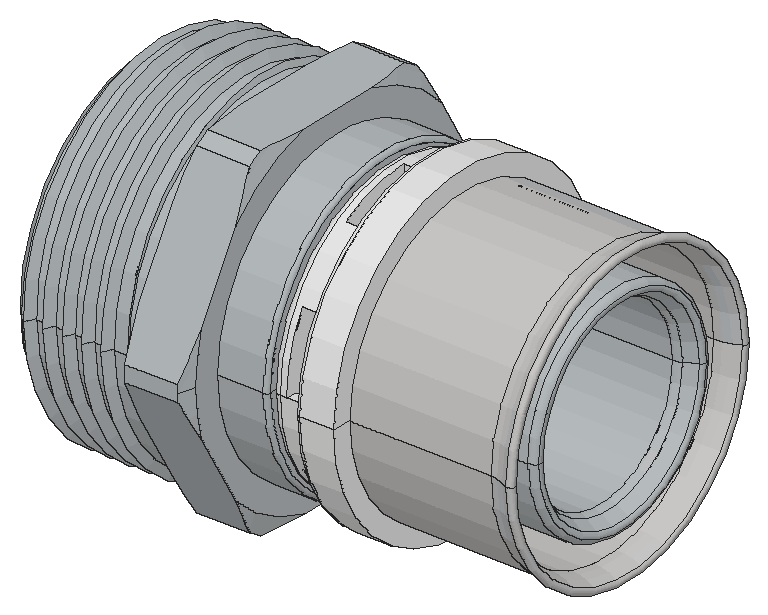
Revit family "VTm_201_СоединительПресс_ПереходНаружРезьба1", category Соединительные детали трубопроводов, Revit 2017
Family settings
  Размер круглого соединителя = Использовать диаметр
  Тип детали = Соединение
  На основе рабочей плоскости = Нет
  Всегда вертикально = Да
  При загрузке вырезать с полостями = Нет
  Общий = Нет
Parameters (values of type "32 х 1_1/4"")
  Толщина гайки = 7.50 mm
  Тело = VTm_201_Тело_32 х дюйм_с_четвертью : VTm_201_Тело_32 х дюйм_с_четвертью
  Символ вид сбоку [instance] = not(Символ в плане)  # no
  Символ в плане [instance] = yes
  С = Ду штуцер резьба * 0.7  # 17.50 mm
  Резьба = VTm_201_РезьбаCоCбегами_Наруж : 1_1/4" х 4
  РадН штуцер = 19.13 mm
  РадН базы гильзы = Ду гильза / 4  # 8.00 mm
  РадВн штуцер = 16.20 mm
  Описание = "Переход между пресс и резьбовым соединениями"  # constant formula
  Комментарии к типоразмеру = "Модель разработана по заказу ВЕСТА Регионы, автор Михаил Кузьмин НПО Инкомис, правообладатель ВЕСТА Регионы"  # constant formula
  Изготовитель = "VALTEC"  # constant formula
  Ду штуцер резьба = 25.00 mm
  Ду гильза = 32.00 mm
  Длина штуцер = 15.00 mm
  Длина база гильзы = 7.80 mm
  Гильза = VTm_201_Гильза_от_16_до_40 : 32
  Видеть резьбу [instance] = yes
  VT_Цена базовая = 444
  VT_sleeve = Нержавеющая сталь
  VT_ring = Пластмасса, непрозрачная, белая
  VT_body = Цинк
  URL = "http://valtec.ru/catalog/sistemy_metallopolimernyh_i_polimernyh_truboprovodov/press_fitingi/press_fiting_s_perehodom_na_narujnuyu_rezbu_vtm201n.html"
  ADSK_Примечание = ""
  ADSK_Позиция = "201.3207"
  ADSK_Обозначение = "VTm.201.N.003207"
  ADSK_Наименование = "Соединитель пресс с переходом на наружную резьбу 32х1_1/4\" VTm.201"
  ADSK_Масса_Текст = "0,236"
  ADSK_Масса = 0.236
  ADSK_Завод-изготовитель = "VALTEC"  # constant formula
  ADSK_Единица измерения = "шт"  # constant formula
  ADSK_Версия семейства = "01.01"  # constant formula
  ADSK_Версия Revit = "2017"  # constant formula
Types (10, lengths in mm): name | Толщина гайки | Тело | С | Резьба | РадН штуцер | РадН базы гильзы | РадВн штуцер | Ду штуцер резьба | Ду гильза | Длина штуцер | Длина база гильзы | Гильза | VT_Цена базовая | ADSK_Позиция | ADSK_Обозначение | ADSK_Наименование | ADSK_Масса_Текст | ADSK_Масса
  20 х 1/2" | 6.00 | VTm_201_Тело_20 х пол_дюйма : VTm_201_Тело_20 х пол_дюйма | 10.50 | VTm_201_РезьбаCоCбегами_Наруж : 1/2" х 4 | 9.05 | 5.00 | 7.40 | 15.00 | 20.00 | 13.00 | 11.80 | VTm_201_Гильза_от_16_до_40 : 20 | 165 | "201.2004" | "VTm.201.N.002004" | "Соединитель пресс с переходом на наружную резьбу 20х1/2\" VTm.201" | "0,058" | 0.058
  20 х 3/4" | 6.003 | VTm_201_Тело_20 х три_четверти_дюйма : VTm_201_Тело_20 х три_четверти_дюйма | 14.00 | VTm_201_РезьбаCоCбегами_Наруж : 3/4" | 11.80 | 5.00 | 9.65 | 20.00 | 20.00 | 14.00 | 6.80 | VTm_201_Гильза_от_16_до_40 : 20 | 164 | "201.2005" | "VTm.201.N.002005" | "Соединитель пресс с переходом на наружную резьбу 20х3/4\" VTm.201" | "0,071" | 0.071
  26 х 3/4" | 7.00 | VTm_201_Тело_26 х три_четверти_дюйма : VTm_201_Тело_26 х три_четверти_дюйма | 14.00 | VTm_201_РезьбаCоCбегами_Наруж : 3/4" | 11.80 | 6.50 | 9.65 | 20.00 | 26.00 | 14.00 | 6.80 | VTm_201_Гильза_от_16_до_40 : 26 | 246 | "201.2605" | "VTm.201.N.002605" | "Соединитель пресс с переходом на наружную резьбу 26х3/4\" VTm.201" | "0,090" | 0.09
  26 х 1" | 7.50 | VTm_201_Тело_26 х дюйм : VTm_201_Тело_26 х дюйм | 17.50 | VTm_201_РезьбаCоCбегами_Наруж : 1" | 14.90 | 6.50 | 12.40 | 25.00 | 26.00 | 15.00 | 6.80 | VTm_201_Гильза_от_16_до_40 : 26 | 282 | "201.2606" | "VTm.201.N.002606" | "Соединитель пресс с переходом на наружную резьбу 26х1\" VTm.201" | "0,127" | 0.127
  32 х 1" | 7.50 | VTm_201_Тело_32 х дюйм : VTm_201_Тело_32 х дюйм | 17.50 | VTm_201_РезьбаCоCбегами_Наруж : 1" | 14.90 | 8.00 | 12.40 | 25.00 | 32.00 | 15.00 | 7.80 | VTm_201_Гильза_от_16_до_40 : 32 | 370 | "201.3206" | "VTm.201.N.003206" | "Соединитель пресс с переходом на наружную резьбу 32х1\" VTm.201" | "0,136" | 0.136
  40 х 1" | 10.00 | VTm_201_Тело_40 х дюйм : VTm_201_Тело_40 х дюйм | 17.50 | VTm_201_РезьбаCоCбегами_Наруж : 1" х 5 | 14.90 | 10.00 | 12.40 | 25.00 | 40.00 | 17.00 | 1.80 | VTm_201_Гильза_от_16_до_40 : 40 | 454 | "201.4006" | "VTm.201.N.004006" | "Соединитель пресс с переходом на наружную резьбу 40х1\" VTm.201" | "0,237" | 0.237
  40 х 1_1/4" | 11.50 | VTm_201_Тело_40 х дюйм_с_четвертью : VTm_201_Тело_40 х дюйм_с_четвертью | 22.40 | VTm_201_РезьбаCоCбегами_Наруж : 1_1/4" х 6 | 19.25 | 10.00 | 16.20 | 32.00 | 40.00 | 21.00 | 1.80 | VTm_201_Гильза_от_16_до_40 : 40 | 503 | "201.4007" | "VTm.201.N.004007" | "Соединитель пресс с переходом на наружную резьбу 40х1_1/4\" VTm.201" | "0,267" | 0.267
  16 х 3/4" | 6.003 | VTm_201_Тело_16 х три_четверти_дюйма : VTm_201_Тело_16 х три_четверти_дюйма | 14.00 | VTm_201_РезьбаCоCбегами_Наруж : 3/4" | 11.80 | 4.00 | 9.65 | 20.00 | 16.00 | 14.00 | 2.30 | VTm_201_Гильза_от_16_до_40 : 16 | 144 | "201.1605" | "VTm.201.N.001605" | "Соединитель пресс с переходом на наружную резьбу 16х3/4\" VTm.201" | "0,068" | 0.068
  16 х 1/2" | 6.003 | VTm_201_Тело_16 х пол_дюйма : VTm_201_Тело_16 х пол_дюйма | 10.50 | VTm_201_РезьбаCоCбегами_Наруж : 1/2" х 4 | 9.00 | 4.00 | 7.40 | 15.00 | 16.00 | 13.00 | 6.80 | VTm_201_Гильза_от_16_до_40 : 16 | 105 | "201.1604" | "VTm.201.N.001604" | "Соединитель пресс с переходом на наружную резьбу 16х1/2\" VTm.201" | "0,049" | 0.049
  32 х 1_1/4" | 7.50 | VTm_201_Тело_32 х дюйм_с_четвертью : VTm_201_Тело_32 х дюйм_с_четвертью | 17.50 | VTm_201_РезьбаCоCбегами_Наруж : 1_1/4" х 4 | 19.13 | 8.00 | 16.20 | 25.00 | 32.00 | 15.00 | 7.80 | VTm_201_Гильза_от_16_до_40 : 32 | 444 | "201.3207" | "VTm.201.N.003207" | "Соединитель пресс с переходом на наружную резьбу 32х1_1/4\" VTm.201" | "0,236" | 0.236
Reference planes
  plane 1 "По центру (Вперед/Назад)": y = 0
  plane 2: z = -0.001
  plane 3 "По центру (Влево/Вправо)": x = 0
  plane 4: x = -22.5
  plane 5 "Соединитель": x = 7.8
  plane 6: x = 39.8
  plane 7: x = 71.8
  plane 8: y = 32
  plane 9: y = -32
  plane 10: y = 17.5
  plane 11: y = -17.5
  plane 12: z = 31.999
  plane 13: z = -32.001
  plane 14: z = 17.499
  plane 15: z = -17.501
  plane 16: x = -7.5
Forms (mm)
  Extrusion 1, solid, material "Цинк" <- "VT_body", not visible, detail levels fine
    sketch origin (0, 0, 0) x (0, 1, 0) y (0, 0, 1)
      loop
        circle (0, 0) r 19.13
      loop
        circle (0, 0) r 16.2
    from -7.5 to -22.5
  Extrusion 2, solid, not visible
    sketch origin (0, 0, 0) x (0, 1, 0) y (0, 0, 1)
      loop
        circle (0, -0.001) r 8
    from 0 to 7.8
Lines and regions (mm)
  model lines, style "VT_symbol", visible <- "Символ в плане", detail levels medium
    curve 1: line (-7.5, 17.5, 0) -> (-7.5, -17.5, 0)
    curve 3: line (7.8, 32, 0) -> (71.8, -32, 0)
    curve 4: line (71.8, 32, 0) -> (7.8, -32, 0)
  model lines, style "VT_symbol", detail levels coarse+medium
    curve 2: line (-22.5, 0, 0) -> (7.8, 0, 0)
  model lines, style "VT_symbol", visible <- "Символ вид сбоку", detail levels medium
    curve 5: line (7.8, 0, 31.999) -> (71.8, 0, -32.001)
    curve 6: line (71.8, 0, 31.999) -> (7.8, 0, -32.001)
    curve 7: line (0, 0, 17.499) -> (0, 0, -17.501)
Dimensions and locks
  equal spacing: plane 8, plane 1 "По центру (Вперед/Назад)", plane 9
  "Ду гильза": plane 9 to plane 1 "По центру (Вперед/Назад)"
  equal spacing: plane 10, plane 1 "По центру (Вперед/Назад)", plane 11
  "С": plane 10 to plane 1 "По центру (Вперед/Назад)"
  equal spacing: plane 5 "Соединитель", plane 6, plane 7
  "Ду гильза": plane 5 "Соединитель" to plane 6
  equal spacing: plane 12, plane 2, plane 13
  "Ду гильза": plane 12 to plane 2
  equal spacing: plane 14, plane 2, plane 15
  "С": plane 14 to plane 2
  "Длина штуцер": plane 4 to plane 16
  "Толщина гайки": plane 16 to plane 3 "По центру (Влево/Вправо)"
  "Длина база гильзы": plane 3 "По центру (Влево/Вправо)" to plane 5 "Соединитель"
  "РадН штуцер": radius of Extrusion 1 sketch curve
  "РадВн штуцер": radius of Extrusion 1 sketch curve
  "РадН базы гильзы": radius of Extrusion 2 sketch curve
  aligned and locked: level to plane 2
  aligned and locked: plane 4 to Extrusion 1
  aligned and locked: plane 1 "По центру (Вперед/Назад)" to curve 2
  aligned and locked: plane 4 to curve 2
  aligned and locked: nested 1 to plane 1 "По центру (Вперед/Назад)"
  aligned and locked: nested 1 to plane 2
  aligned and locked: nested 2 to plane 1 "По центру (Вперед/Назад)"
  aligned and locked: nested 2 to plane 2
  aligned and locked: plane 8 to curve 4
  aligned and locked: plane 9 to curve 3
  aligned and locked: plane 8 to curve 3
  aligned and locked: plane 11 to curve 1
  aligned and locked: plane 10 to curve 1
  aligned and locked: plane 9 to curve 4
  aligned and locked: plane 5 "Соединитель" to curve 3
  aligned and locked: plane 5 "Соединитель" to curve 4
  aligned and locked: plane 5 "Соединитель" to curve 5
  aligned and locked: plane 12 to curve 5
  aligned and locked: plane 7 to curve 6
  aligned and locked: plane 12 to curve 6
  aligned and locked: plane 7 to curve 5
  aligned and locked: plane 13 to curve 5
  aligned and locked: plane 5 "Соединитель" to curve 6
  aligned and locked: curve 6 to plane 13
  aligned and locked: curve 7 to plane 14
  aligned and locked: plane 15 to curve 7
  aligned and locked: curve 7 to plane 3 "По центру (Влево/Вправо)"
  aligned and locked: plane 16 to Extrusion 1
  aligned and locked: curve 1 to plane 16
  aligned and locked: plane 1 "По центру (Вперед/Назад)" to nested 3
  aligned and locked: plane 3 "По центру (Влево/Вправо)" to nested 3
  aligned and locked: plane 1 "По центру (Вперед/Назад)" to Extrusion 2 sketch curve
  aligned and locked: plane 2 to Extrusion 2 sketch curve
  aligned and locked: Extrusion 2 to plane 3 "По центру (Влево/Вправо)"
  aligned and locked: Extrusion 2 to plane 5 "Соединитель"
  aligned and locked: nested 4 to plane 1 "По центру (Вперед/Назад)"
  aligned and locked: nested 4 to plane 2
  aligned and locked: nested 5 to plane 1 "По центру (Вперед/Назад)"
  aligned and locked: plane 2 to nested 5
Automatic sketch dimensions
  Extrusion 1 sketch curve to Extrusion 1 sketch curve = 0.00 mm  (x2)
  Extrusion 1 sketch curve to level = 0.00 mm
  Extrusion 1 sketch curve to plane 1 "По центру (Вперед/Назад)" = 0.00 mm
  curve 2 to plane 5 "Соединитель" = 0.00 mm
  curve 4 to plane 7 = 0.00 mm
  curve 3 to plane 7 = 0.00 mm
Nested families
  nested 1: "MarkR" at (-22.5, 0, -0.001) x (0, 1, 0) z (1, 0, 0), type "MarkR", not visible
  nested 2: "MarkR" at (12.82, 0, -0.001) x (0, 1, 0) z (1, 0, 0), type "MarkR", not visible
  nested 3: "VTm_201_Тело_32 х дюйм_с_четвертью" at (0, 0, 0), type <- "Тело", type "VTm_201_Тело_32 х дюйм_с_четвертью", detail levels fine
  nested 4: "VTm_201_Гильза_от_16_до_40" at (7.8, 0, -0.001) x (0, 1, 0) z (1, 0, 0), type <- "Гильза", type "32", detail levels fine
  nested 5: "VTm_201_РезьбаCоCбегами_Наруж" at (-22.5, 0, -0.001) x (0, 1, 0) z (-1, 0, 0), type <- "Резьба", type "1_1/4" х 4", detail levels fine
Definition of nested family "VTm_201_Тело_32 х дюйм_с_четвертью"
  Parameters (values of type "VTm_201_Тело_32 х дюйм_с_четвертью")
    body = none
  Reference planes
    plane 1 "По центру (Вперед/Назад)": y = 0
    plane 2: z = 0
    plane 3 "По центру (Влево/Вправо)": x = 0
  Forms (mm)
    Revolve 1, solid, material <- "body"
      sketch origin (0, 0, 0) x (1, 0, 0) y (0, 1, 0)
        loop
          line (-22.5, 16.2) -> (-7.5, 16.2) -> (-7.5, 20.2) -> (-21.43, 20.2) -> (-22.5, 19.13) -> (-22.5, 16.2)
        loop
          line (0, 18) -> (0, 0) -> (6, 0) -> (6, 17.496)
          arc (6, 17.496) -> (5.852, 17.852) -> (5.496, 18) r 0.504
          line (5.496, 18) -> (0, 18)
        axis (-22.5, 0) -> (6, 0)
      angle from 0 to 360
    Revolve 2, void
      sketch origin (0, 0, 0) x (1, 0, 0) y (0, 1, 0)
        loop
          line (-6.657, -23.852) -> (-7.725, -20.356) -> (-8.857, -20.356) -> (-8.857, -23.852) -> (-6.657, -23.852)
        loop
          line (-0.843, -23.852) -> (1.357, -23.852) -> (1.357, -20.356) -> (0.225, -20.356) -> (-0.843, -23.852)
        axis (-8.857, 0) -> (1.357, 0)
      angle from 0 to 360
    Extrusion 3, solid, material <- "body"
      sketch origin (0, 0, 0) x (0, 1, 0) y (0, 0, 1)
        loop
          line (-12.393, 19.535) -> (-23.114, 0.965) -> (-23.114, -0.965) -> (-12.393, -19.535) -> (-10.722, -20.5) -> (10.722, -20.5) -> (12.393, -19.535) -> (23.114, -0.965) -> (23.114, 0.965) -> (12.393, 19.535) -> (10.722, 20.5) -> (-10.722, 20.5) -> (-12.393, 19.535)
      from -7.5 to 0
  Cuts and joins
    Revolve 2 cuts Extrusion 3
    joined: Revolve 1, Extrusion 3
  Dimensions and locks
    Revolve 1 sketch curve to Revolve 1 sketch curve = 4.00 mm
    plane 1 "По центру (Вперед/Назад)" to Revolve 1 sketch curve = 20.20 mm
    aligned and locked: level to plane 2
    aligned and locked: plane 1 "По центру (Вперед/Назад)" to Revolve 1 sketch curve
    aligned and locked: Revolve 1 sketch curve to Revolve 1 sketch curve
    aligned and locked: plane 1 "По центру (Вперед/Назад)" to Revolve 2 sketch curve
  Automatic sketch dimensions
    level to Extrusion 3 sketch curve = 0.965 mm  (x2)
    plane 1 "По центру (Вперед/Назад)" to Extrusion 3 sketch curve = 10.722 mm
    plane 1 "По центру (Вперед/Назад)" to Extrusion 3 sketch curve = 12.393 mm
    Extrusion 3 sketch curve to plane 1 "По центру (Вперед/Назад)" = 12.393 mm
    Extrusion 3 sketch curve to plane 1 "По центру (Вперед/Назад)" = 10.722 mm
    Extrusion 3 sketch curve to Extrusion 3 sketch curve = 10.722 mm  (x2)
    Extrusion 3 sketch curve to level = 0.965 mm  (x2)
    Extrusion 3 sketch curve to level = 20.50 mm
    level to Extrusion 3 sketch curve = 20.50 mm
    Extrusion 3 sketch curve to Extrusion 3 sketch curve = 1.671 mm  (x4)
    Extrusion 3 sketch curve to Extrusion 3 sketch curve = 0.965 mm  (x4)
    Revolve 2 sketch curve to plane 3 "По центру (Влево/Вправо)" = 8.857 mm
    Revolve 2 sketch curve to Revolve 2 sketch curve = 1.132 mm  (x2)
    Revolve 2 sketch curve to Revolve 2 sketch curve = 2.20 mm
    Revolve 2 sketch curve to plane 3 "По центру (Влево/Вправо)" = 0.843 mm
    plane 3 "По центру (Влево/Вправо)" to Revolve 2 sketch curve = 0.225 mm
    plane 1 "По центру (Вперед/Назад)" to Revolve 2 sketch curve = 20.356 mm
    Revolve 2 sketch curve to Revolve 2 sketch curve = 0.00 mm
    Revolve 2 sketch curve to Revolve 2 sketch curve = 3.495 mm  (x2)
    Revolve 2 sketch curve to plane 3 "По центру (Влево/Вправо)" = 8.276 mm
    plane 3 "По центру (Влево/Вправо)" to Revolve 2 sketch curve = 2.64 mm
    Revolve 1 sketch curve to plane 3 "По центру (Влево/Вправо)" = 0.00 mm
    Revolve 1 sketch curve to plane 3 "По центру (Влево/Вправо)" = 7.50 mm
    Revolve 1 sketch curve to Revolve 1 sketch curve = 13.93 mm
    Revolve 1 sketch curve to Revolve 1 sketch curve = 1.07 mm  (x2)
    plane 3 "По центру (Влево/Вправо)" to Revolve 1 sketch curve = 5.496 mm
    plane 3 "По центру (Влево/Вправо)" to Revolve 1 sketch curve = 6.00 mm
    Revolve 1 sketch curve to Revolve 1 sketch curve = 1.296 mm
    Revolve 1 sketch curve to Revolve 1 sketch curve = 0.00 mm  (x2)
Definition of nested family "VTm_201_Гильза_от_16_до_40"
  Parameters (values of type "16")
    ТолщСтенкТруб = 2.10 mm
    РегулировкаВысотГильз = 17.30 mm
    РадПерфНаруж = 9.30 mm
    РадПерфВнутр = РадПерфНаруж - 1.30 mm  # 8.00 mm
    РадГабаритКольца = 11.20 mm
    Default Elevation = 0.00 mm
    НарРадТруб = НарДиамТруб / 2  # 8.00 mm
    НарДиамТруб = 16.00 mm
    ВысотаОкон = 2.697 mm
    VT_body = none
    VT_ring = none
    VT_sleeve = none
  Types (5, lengths in mm): name | ТолщСтенкТруб | РегулировкаВысотГильз | РадПерфНаруж | РадПерфВнутр | РадГабаритКольца | НарРадТруб | НарДиамТруб | ВысотаОкон
    16 | 2.10 | 17.30 | 9.30 | 8.00 | 11.20 | 8.00 | 16.00 | 2.697
    20 | 2.10 | 17.35 | 11.45 | 10.15 | 13.20 | 10.05 | 20.10 | 2.697
    26 | 3.05 | 17.20 | 14.35 | 13.05 | 16.25 | 13.075 | 26.15 | 2.697
    32 | 3.10 | 16.80 | 17.30 | 16.00 | 19.40 | 16.175 | 32.35 | 2.697
    40 | 3.60 | 18.70 | 21.50 | 20.20 | 24.30 | 20.20 | 40.40 | 2.40
  Reference planes
    plane 1 "По центру (Вперед/Назад)": y = 0
    plane 2: z = 0
    plane 3 "По центру (Влево/Вправо)": x = 0
    plane 4: z = -1.8
    plane 5: z = 2.697
    plane 6: z = 7.197
    plane 7: x = -11.2
    plane 8: x = -9.3
    plane 9 "РадПерфВнутр": x = -8
    plane 10: through (0, 0, 1219.2) normal (-0.5, -0.866, 0)
    plane 11: through (0, 0, 1219.2) normal (-0.866, -0.5, 0)
    plane 12: through (0, 0, 1219.2) normal (-0.866, 0.5, 0)
    plane 13: through (0, 0, 1219.2) normal (-0.5, 0.866, 0)
    plane 14: x = -8.9
    plane 15: z = 24.497
    plane 16: z = 27.313
    plane 17: x = -5.9
    plane 18: x = -3.5
    plane 19 "РадНарТруб": x = -8
    plane 20: x = -13.75
  Forms (mm)
    Extrusion 1, solid, not visible
      sketch origin (0, 0, 0) x (1, 0, 0) y (0, 1, 0)
        loop
          line (-1219.2, 1219.2) -> (-1219.2, -1219.2) -> (1219.2, -1219.2) -> (1219.2, 1219.2) -> (-1219.2, 1219.2)
      from 0 to -304.8
    Revolve 2, solid, material <- "VT_ring"
      sketch origin (0, 0, 0) x (1, 0, 0) y (0, 0, 1)
        loop
          line (-8, 0) -> (-8, 2.697) -> (-9.3, 2.697) -> (-9.3, -0.817)
          arc (-9.3, -0.817) -> (-9.012, -1.512) -> (-8.317, -1.8) r 0.983
          line (-8.317, -1.8) -> (0, -1.8) -> (0, 0) -> (-8, 0)
        axis (0, 2.697) -> (0, -1.8)
      angle from 0 to 360
    Extrusion 3, void
      sketch origin (0, 0, 0) x (1, 0, 0) y (0, 1, 0)
        loop
          line (-9.3, 0) -> (-8, 0)
          arc (-8, 0) -> (-7.727, 2.071) -> (-6.928, 4) r 8
          line (-6.928, 4) -> (-8.054, 4.65)
          arc (-8.054, 4.65) -> (-8.983, 2.407) -> (-9.3, 0) r 9.3
        loop
          arc (-4, 6.928) -> (-2.071, 7.727) -> (0, 8) r 8
          line (0, 8) -> (0, 9.3)
          arc (0, 9.3) -> (-2.407, 8.983) -> (-4.65, 8.054) r 9.3
          line (-4.65, 8.054) -> (-4, 6.928)
        loop
          arc (4, 6.928) -> (5.657, 5.657) -> (6.928, 4) r 8
          line (6.928, 4) -> (8.054, 4.65)
          arc (8.054, 4.65) -> (6.576, 6.576) -> (4.65, 8.054) r 9.3
          line (4.65, 8.054) -> (4, 6.928)
        loop
          arc (8, 0) -> (7.727, -2.071) -> (6.928, -4) r 8
          line (6.928, -4) -> (8.054, -4.65)
          arc (8.054, -4.65) -> (8.983, -2.407) -> (9.3, 0) r 9.3
          line (9.3, 0) -> (8, 0)
        loop
          arc (4, -6.928) -> (2.071, -7.727) -> (0, -8) r 8
          line (0, -8) -> (0, -9.3)
          arc (0, -9.3) -> (2.407, -8.983) -> (4.65, -8.054) r 9.3
          line (4.65, -8.054) -> (4, -6.928)
        loop
          arc (-8.054, -4.65) -> (-6.576, -6.576) -> (-4.65, -8.054) r 9.3
          line (-4.65, -8.054) -> (-4, -6.928)
          arc (-4, -6.928) -> (-5.657, -5.657) -> (-6.928, -4) r 8
          line (-6.928, -4) -> (-8.054, -4.65)
      from 0 to 2.697
    Revolve 4, solid, material <- "VT_ring"
      sketch origin (0, 0, 0) x (1, 0, 0) y (0, 0, 1)
        loop
          line (-11.2, 7.197) -> (-11.2, 3.224)
          arc (-11.2, 3.224) -> (-11.046, 2.851) -> (-10.674, 2.697) r 0.526
          line (-10.674, 2.697) -> (-8, 2.697) -> (-8, 7.197) -> (-11.2, 7.197)
        axis (0, 2.697) -> (0, 7.197)
      angle from 0 to 360
    Revolve 5, solid, material <- "VT_sleeve"
      sketch origin (0, 0, 0) x (1, 0, 0) y (0, 0, 1)
        loop
          line (-8.9, 7.197) -> (-8, 7.197) -> (-8, 24.497)
          arc (-8, 24.497) -> (-8.187, 25.953) -> (-8.737, 27.313) r 5.75
          arc (-8.737, 27.313) -> (-9.35, 27.485) -> (-9.522, 26.873) r 0.45
          arc (-9.522, 26.873) -> (-9.058, 25.725) -> (-8.9, 24.497) r 4.85
          line (-8.9, 24.497) -> (-8.9, 7.197)
        axis (0, 27.313) -> (0, 7.197)
      angle from 0 to 360
    Revolve 6, solid, material <- "VT_body"
      sketch origin (0, 0, 0) x (1, 0, 0) y (0, 0, 1)
        loop
          line (-3.764, 24.955) -> (-4.576, 26.366)
          arc (-4.576, 26.366) -> (-4.898, 26.631) -> (-5.315, 26.617) r 0.591
          arc (-5.315, 26.617) -> (-5.74, 26.267) -> (-5.9, 25.739) r 0.951
          line (-5.9, 25.739) -> (-5.9, 0) -> (-3.5, 0) -> (-3.5, 23.969)
          arc (-3.5, 23.969) -> (-3.567, 24.479) -> (-3.764, 24.955) r 1.977
        axis (0, 26.617) -> (0, 0)
      angle from 0 to 360
  Cuts and joins
    Extrusion 3 cuts Revolve 2
  Dimensions and locks
    "РадГабаритКольца": plane 7 to plane 3 "По центру (Влево/Вправо)"
    "РадПерфНаруж": plane 8 to plane 3 "По центру (Влево/Вправо)"
    "РадПерфВнутр": plane 9 "РадПерфВнутр" to plane 3 "По центру (Влево/Вправо)"
    locked: plane 17 to plane 18 at 2.4
    "ТолщСтенкТруб": plane 19 "РадНарТруб" to plane 17
    "НарРадТруб": plane 19 "РадНарТруб" to plane 3 "По центру (Влево/Вправо)"
    locked: plane 14 to plane 19 "РадНарТруб" at 0.9
    "РегулировкаВысотГильз": plane 15 to plane 6
    locked: plane 16 to plane 15 at 2.816
    plane 16 to plane 4 = 29.113 mm
    locked: plane 19 "РадНарТруб" to plane 20 at 5.75
    locked: plane 6 to plane 5 at 4.5
    locked: plane 2 to plane 4 at 1.8
    "ВысотаОкон": plane 5 to plane 2
    "РадПерфВнутр": radius of Extrusion 3 sketch curve  (x6)
    "РадПерфНаруж": radius of Extrusion 3 sketch curve  (x6)
    aligned and locked: plane 2 to Extrusion 1
    aligned and locked: level to Extrusion 1
    aligned and locked: Revolve 2 sketch curve to plane 8
    aligned and locked: Revolve 2 sketch curve to plane 3 "По центру (Влево/Вправо)"
    aligned and locked: plane 2 to Revolve 2 sketch curve
    aligned and locked: plane 4 to Revolve 2 sketch curve  (x2)
    aligned and locked: Revolve 2 sketch curve to plane 2
    aligned and locked: Extrusion 3 sketch curve to plane 1 "По центру (Вперед/Назад)"
    aligned and locked: plane 10 to Extrusion 3 sketch curve
    aligned and locked: plane 3 "По центру (Влево/Вправо)" to Extrusion 3 sketch curve  (x13)
    aligned and locked: plane 1 "По центру (Вперед/Назад)" to Extrusion 3 sketch curve  (x13)
    aligned and locked: Extrusion 3 to plane 2
    aligned and locked: plane 5 to Extrusion 3
    aligned and locked: Revolve 2 sketch curve to plane 9 "РадПерфВнутр"
    aligned and locked: Revolve 2 sketch curve to plane 5
    aligned and locked: Extrusion 3 sketch curve to plane 11
    aligned and locked: Extrusion 3 sketch curve to plane 3 "По центру (Влево/Вправо)"
    aligned and locked: Extrusion 3 sketch curve to plane 12
    aligned and locked: plane 13 to Extrusion 3 sketch curve
    aligned and locked: Extrusion 3 sketch curve to plane 10
    aligned and locked: plane 11 to Extrusion 3 sketch curve
    aligned and locked: Extrusion 3 sketch curve to plane 13
    aligned and locked: plane 12 to Extrusion 3 sketch curve
    aligned and locked: plane 9 "РадПерфВнутр" to Revolve 4 sketch curve
    aligned and locked: plane 7 to Revolve 4 sketch curve
    aligned and locked: plane 6 to Revolve 4 sketch curve
    aligned and locked: Revolve 4 sketch curve to plane 5
    aligned and locked: plane 3 "По центру (Влево/Вправо)" to Revolve 4 sketch curve
    aligned and locked: plane 4 to Revolve 4 sketch curve
    aligned and locked: plane 2 to Revolve 4 sketch curve
    aligned and locked: Revolve 5 sketch curve to plane 3 "По центру (Влево/Вправо)"
    aligned and locked: plane 4 to Revolve 5 sketch curve
    aligned and locked: plane 2 to Revolve 5 sketch curve
    aligned and locked: Revolve 5 sketch curve to plane 14
    aligned and locked: Revolve 5 sketch curve to plane 6
    aligned and locked: Revolve 6 sketch curve to plane 2
    aligned and locked: plane 17 to Revolve 6 sketch curve
    aligned and locked: Revolve 6 sketch curve to plane 3 "По центру (Влево/Вправо)"
    aligned and locked: plane 4 to Revolve 6 sketch curve
    aligned and locked: plane 2 to Revolve 6 sketch curve
    aligned and locked: Revolve 6 sketch curve to plane 18
    aligned and locked: Revolve 5 sketch curve to plane 19 "РадНарТруб"
    aligned and locked: plane 20 to Revolve 5 sketch curve  (x2)
    aligned and locked: plane 15 to Revolve 5 sketch curve  (x2)
  Automatic sketch dimensions
    Extrusion 1 sketch curve to Extrusion 1 sketch curve = 2438.40 mm  (x2)
    Revolve 2 sketch curve to plane 3 "По центру (Влево/Вправо)" = 0.00 mm
    Revolve 2 sketch curve to plane 9 "РадПерфВнутр" = 0.317 mm
    Revolve 4 sketch curve to Revolve 4 sketch curve = 0.526 mm
    Revolve 5 sketch curve to plane 16 = 0.00 mm
    Revolve 5 sketch curve to Revolve 5 sketch curve = 0.00 mm  (x2)
    Revolve 6 sketch curve to plane 17 = 0.423 mm
    Revolve 6 sketch curve to plane 17 = 0.812 mm
    Revolve 6 sketch curve to Revolve 6 sketch curve = 0.139 mm
    Revolve 6 sketch curve to Revolve 6 sketch curve = 0.512 mm
    plane 18 to Revolve 6 sketch curve = 0.264 mm
    plane 15 to Revolve 6 sketch curve = 0.528 mm
    Revolve 6 sketch curve to Revolve 6 sketch curve = 0.332 mm
Definition of nested family "VTm_201_РезьбаCоCбегами_Наруж"
  Parameters (values of type "1_1/4" х 6")
    Погружение = 1.00 mm  # constant formula
    Default Elevation = 1219.20 mm
    Z = 6
    VT_body = none
    P = 2.309 mm
    L = Z * P + P * 1.5  # 17.318 mm
    H = P * 0.96049  # 2.218 mm
    D2/2 = D2 / 2  # 20.215 mm
    D2 = 40.431 mm
    1/2P = P / 2  # 1.155 mm
  Types (7, lengths in mm): name | Default Elevation | Z | P | L | H | D2/2 | D2 | 1/2P
    1" х 5 | 1219.20 | 5 | 2.309 | 15.009 | 2.218 | 15.885 | 31.77 | 1.155
    1_1/4" х 7 | 1219.20 | 7 | 2.309 | 19.627 | 2.218 | 20.215 | 40.431 | 1.155
    1" | 1219.20 | 4 | 2.309 | 12.70 | 2.218 | 15.885 | 31.77 | 1.155
    3/4" | 1219.20 | 5 | 1.814 | 11.791 | 1.742 | 12.64 | 25.279 | 0.907
    1/2" х 4 | 0.00 | 4 | 1.814 | 9.977 | 1.742 | 9.896 | 19.793 | 0.907
    1_1/4" х 4 | 1219.20 | 4 | 2.309 | 12.70 | 2.218 | 20.215 | 40.431 | 1.155
    1_1/4" х 6 | 1219.20 | 6 | 2.309 | 17.318 | 2.218 | 20.215 | 40.431 | 1.155
  Reference planes
    plane 1 "По центру (Вперед/Назад)": y = 0
    plane 2: z = 0
    plane 3 "По центру (Влево/Вправо)": x = 0
    plane 4: x = -20.215
    plane 5 "1": z = -18.317
    plane 6 "2": z = -17.163
    plane 7: x = 20.216
    plane 8: x = -19.107
    plane 9: x = -21.324
    plane 10: x = 19.107
    plane 11: x = 21.324
    plane 12 "3": z = -16.008
    plane 13 "4": z = -14.854
    plane 14 "3A": z = -3.309
    plane 15 "2A": z = -2.154
    plane 16 "1A": z = -1
  Forms (mm)
    Extrusion 1, solid
      sketch origin (0, 0, 0) x (1, 0, 0) y (0, 1, 0)
        loop
          line (-1219.2, 1219.2) -> (-1219.2, -1219.2) -> (1219.2, -1219.2) -> (1219.2, 1219.2) -> (-1219.2, 1219.2)
      from 0 to -304.8
    SweptBlend 2, solid, material <- "VT_body"
      path origin (0, 0, -18.317) x (-1, 0, 0) y (0, -1, 0)
        loop
          arc (20.215, 0) -> (0, 20.216) -> (-20.216, 0) r 20.215
      profile origin (-20.215, 0, -18.317) x (1, 0, 0) y (0, 0, 1)
        loop
          line (1.109, 1.154) -> (0, 0) -> (1.109, 0) -> (1.109, 1.154)
      end profile origin (20.216, 0, -18.317) x (-1, 0, 0) y (0, 0, 1)
        loop
          line (1.109, 2.309) -> (-1.109, 1.154) -> (1.109, 0) -> (1.109, 2.309)
    SweptBlend 3, solid, material <- "VT_body"
      path origin (0, 0, -17.163) x (-1, 0, 0) y (0, -1, 0)
        loop
          arc (-20.216, 0) -> (0, -20.215) -> (20.215, 0) r 20.215
      profile origin (20.216, 0, -17.163) x (-1, 0, 0) y (0, 0, 1)
        loop
          line (1.109, 1.154) -> (-1.109, 0) -> (1.109, -1.154) -> (1.109, 1.154)
      end profile origin (-20.215, 0, -17.163) x (1, 0, 0) y (0, 0, 1)
        loop
          line (1.109, 2.309) -> (-1.109, 1.154) -> (1.109, 0) -> (1.109, 2.309)
    SweptBlend 4, solid, material <- "VT_body"
      path origin (0, 0, -1) x (-1, 0, 0) y (0, -1, 0)
        loop
          arc (-20.216, 0) -> (0, 20.216) -> (20.215, 0) r 20.215
      profile origin (20.216, 0, -1) x (1, 0, 0) y (0, 0, 1)
        loop
          line (-1.109, 0) -> (-1.109, -1.155) -> (0, 0) -> (-1.109, 0)
      end profile origin (-20.215, 0, -1) x (-1, 0, 0) y (0, 0, 1)
        loop
          line (-1.109, 0) -> (-1.109, -2.309) -> (1.109, -1.155) -> (-1.109, 0)
  Dimensions and locks
    equal spacing: plane 7, plane 3 "По центру (Влево/Вправо)", plane 4
    "D2": plane 7 to plane 4
    equal spacing: plane 8, plane 4, plane 9
    "H": plane 8 to plane 9
    equal spacing: plane 10, plane 3 "По центру (Влево/Вправо)", plane 8
    equal spacing: plane 11, plane 3 "По центру (Влево/Вправо)", plane 9
    "1/2P": plane 6 "2" to plane 5 "1"
    "1/2P": plane 16 "1A" to plane 15 "2A"
    "L": plane 16 "1A" to plane 5 "1"
    equal spacing: plane 16 "1A", plane 15 "2A", plane 14 "3A"
    equal spacing: plane 13 "4", plane 12 "3", plane 6 "2", plane 5 "1"
    equal spacing: group 1, group 2, group 3, group 4, group 5, group 6  (x3)
    "P": nested 2 to plane 12 "3"
    "Погружение": plane 2 to plane 16 "1A"
    "D2/2": radius of SweptBlend 3 sketch curve
    "D2/2": radius of SweptBlend 2 sketch curve
    "D2/2": radius of SweptBlend 4 sketch curve
    aligned and locked: plane 2 to Extrusion 1
    aligned and locked: level to Extrusion 1
    aligned and locked: plane 1 "По центру (Вперед/Назад)" to SweptBlend 2 sketch curve  (x2)
    aligned and locked: plane 7 to SweptBlend 2 sketch curve
    aligned and locked: plane 8 to SweptBlend 2 sketch curve
    aligned and locked: plane 6 "2" to SweptBlend 2 sketch curve  (x2)
    aligned and locked: plane 10 to SweptBlend 2 sketch curve
    aligned and locked: plane 12 "3" to SweptBlend 2 sketch curve
    aligned and locked: plane 11 to SweptBlend 2 sketch curve
    aligned and locked: SweptBlend 3 sketch curve to SweptBlend 2  (x4)
    aligned and locked: SweptBlend 2 to SweptBlend 3 sketch curve
    aligned and locked: plane 1 "По центру (Вперед/Назад)" to SweptBlend 3 sketch curve
    aligned and locked: plane 4 to SweptBlend 3 sketch curve
    aligned and locked: plane 8 to SweptBlend 3 sketch curve
    aligned and locked: plane 6 "2" to SweptBlend 3 sketch curve
    aligned and locked: plane 13 "4" to SweptBlend 3 sketch curve
    aligned and locked: SweptBlend 3 sketch curve to plane 9
    aligned and locked: plane 12 "3" to SweptBlend 3 sketch curve
    aligned and locked: plane 5 "1" to SweptBlend 2 sketch curve  (x2)
    aligned and locked: plane 3 "По центру (Влево/Вправо)" to SweptBlend 4 sketch curve
    aligned and locked: plane 1 "По центру (Вперед/Назад)" to SweptBlend 4 sketch curve  (x3)
    aligned and locked: plane 8 to SweptBlend 4 sketch curve
    aligned and locked: plane 14 "3A" to SweptBlend 4 sketch curve
    aligned and locked: plane 16 "1A" to SweptBlend 4 sketch curve  (x3)
    aligned and locked: SweptBlend 4 sketch curve to plane 9
    aligned and locked: plane 15 "2A" to SweptBlend 4 sketch curve  (x2)
    aligned and locked: plane 10 to SweptBlend 4 sketch curve
    aligned and locked: plane 7 to SweptBlend 4 sketch curve
    aligned and locked: plane 1 "По центру (Вперед/Назад)" to nested 1
    aligned and locked: plane 3 "По центру (Влево/Вправо)" to nested 1
    aligned and locked: plane 12 "3" to nested 1
  Automatic sketch dimensions
    Extrusion 1 sketch curve to Extrusion 1 sketch curve = 2438.40 mm  (x2)
    profile plane to SweptBlend 2 sketch curve = 0.00 mm
  Nested families
    nested 1: "VTm_201_НиткиРезьбы_для_РезьбаСоСбегами_Наруж" at (0, 0, -14.854), type "VTm_201_НиткиРезьбы_для_РезьбаСоСбегами_Наруж"
      with Шаг 2.309 mm, Профиль 2.218 mm, ПолШага 1.155 mm, ПолД2 20.215 mm, Д2 40.431 mm
    nested 2: "VTm_201_НиткиРезьбы_для_РезьбаСоСбегами_Наруж" at (0, 0, -12.545), type "VTm_201_НиткиРезьбы_для_РезьбаСоСбегами_Наруж"
      with Шаг 2.309 mm, Профиль 2.218 mm, ПолШага 1.155 mm, ПолД2 20.215 mm, Д2 40.431 mm
    nested 3: "VTm_201_НиткиРезьбы_для_РезьбаСоСбегами_Наруж" at (0, 0, -10.236), type "VTm_201_НиткиРезьбы_для_РезьбаСоСбегами_Наруж"
      with Шаг 2.309 mm, Профиль 2.218 mm, ПолШага 1.155 mm, ПолД2 20.215 mm, Д2 40.431 mm
    nested 4: "VTm_201_НиткиРезьбы_для_РезьбаСоСбегами_Наруж" at (0, 0, -7.927), type "VTm_201_НиткиРезьбы_для_РезьбаСоСбегами_Наруж"
      with Шаг 2.309 mm, Профиль 2.218 mm, ПолШага 1.155 mm, ПолД2 20.215 mm, Д2 40.431 mm
    nested 5: "VTm_201_НиткиРезьбы_для_РезьбаСоСбегами_Наруж" at (0, 0, -5.618), type "VTm_201_НиткиРезьбы_для_РезьбаСоСбегами_Наруж"
      with Шаг 2.309 mm, Профиль 2.218 mm, ПолШага 1.155 mm, ПолД2 20.215 mm, Д2 40.431 mm
    nested 6: "VTm_201_НиткиРезьбы_для_РезьбаСоСбегами_Наруж" at (0, 0, -3.309), type "VTm_201_НиткиРезьбы_для_РезьбаСоСбегами_Наруж"
      with Шаг 2.309 mm, Профиль 2.218 mm, ПолШага 1.155 mm, ПолД2 20.215 mm, Д2 40.431 mm
  Definition of nested family "VTm_201_НиткиРезьбы_для_РезьбаСоСбегами_Наруж"
    Parameters (values of type "VTm_201_НиткиРезьбы_для_РезьбаСоСбегами_Наруж")
      Шаг = 1.814 mm
      Профиль = Шаг * 0.96049  # 1.742 mm
      ПолШага = Шаг / 2  # 0.907 mm
      ПолД2 = Д2 / 2  # 9.896 mm
      Д2 = 19.793 mm
      VT_body = none
    Reference planes
      plane 1 "По центру (Вперед/Назад)": y = 0
      plane 2 "3": z = 0
      plane 3 "По центру (Влево/Вправо)": x = 0
      plane 4 "2": z = -0.907
      plane 5 "1": z = -1.814
      plane 6 "4": z = 0.907
      plane 7 "5": z = 1.814
      plane 8: x = -9.896
      plane 9: x = 9.896
      plane 10: x = -10.768
      plane 11: x = -9.025
      plane 12: x = 9.025
      plane 13: x = 10.768
    Forms (mm)
      SweptBlend 1, solid, material <- "VT_body"
        path origin (0, 0, -1.814) x (-1, 0, 0) y (0, -1, 0)
          loop
            arc (9.897, 0) -> (0, 9.897) -> (-9.897, 0) r 9.897
        profile origin (-9.897, 0, -1.814) x (1, 0, 0) y (0, 0, 1)
          loop
            line (0.871, 1.814) -> (-0.871, 0.907) -> (0.871, 0) -> (0.871, 1.814)
        end profile origin (9.896, 0, -1.814) x (-1, 0, 0) y (0, 0, 1)
          loop
            line (0.871, 2.721) -> (-0.871, 1.814) -> (0.871, 0.907) -> (0.871, 2.721)
      SweptBlend 2, solid, material <- "VT_body"
        path origin (0, 0, -0.907) x (-1, 0, 0) y (0, -1, 0)
          loop
            arc (-9.896, 0) -> (0, -9.896) -> (9.896, 0) r 9.896
        profile origin (9.896, 0, -0.907) x (-1, 0, 0) y (0, 0, 1)
          loop
            line (0.871, 1.814) -> (-0.871, 0.907) -> (0.871, 0) -> (0.871, 1.814)
        end profile origin (-9.897, 0, -0.907) x (1, 0, 0) y (0, 0, 1)
          loop
            line (0.871, 2.721) -> (-0.871, 1.814) -> (0.871, 0.907) -> (0.871, 2.721)
    Dimensions and locks
      equal spacing: plane 7 "5", plane 6 "4", plane 2 "3", plane 4 "2", plane 5 "1"
      "ПолШага": plane 4 "2" to plane 5 "1"
      equal spacing: plane 9, plane 3 "По центру (Влево/Вправо)", plane 8
      "Д2": plane 9 to plane 8
      equal spacing: plane 11, plane 8, plane 10
      equal spacing: plane 13, plane 9, plane 12
      "Профиль": plane 11 to plane 10
      "Профиль": plane 13 to plane 12
      "ПолД2": radius of SweptBlend 2 sketch curve
      aligned and locked: level to plane 2 "3"
      aligned and locked: plane 1 "По центру (Вперед/Назад)" to SweptBlend 1 sketch curve  (x3)
      aligned and locked: plane 3 "По центру (Влево/Вправо)" to SweptBlend 1 sketch curve
      aligned and locked: plane 8 to SweptBlend 1 sketch curve
      aligned and locked: SweptBlend 1 sketch curve to plane 11
      aligned and locked: plane 2 "3" to SweptBlend 1 sketch curve  (x2)
      aligned and locked: plane 5 "1" to SweptBlend 1 sketch curve
      aligned and locked: plane 10 to SweptBlend 1 sketch curve
      aligned and locked: plane 4 "2" to SweptBlend 1 sketch curve  (x2)
      aligned and locked: SweptBlend 1 sketch curve to plane 12
      aligned and locked: plane 6 "4" to SweptBlend 1 sketch curve
      aligned and locked: plane 13 to SweptBlend 1 sketch curve
      aligned and locked: SweptBlend 2 sketch curve to SweptBlend 1
      aligned and locked: SweptBlend 1 to SweptBlend 2 sketch curve
      aligned and locked: plane 3 "По центру (Влево/Вправо)" to SweptBlend 2 sketch curve
      aligned and locked: plane 1 "По центру (Вперед/Назад)" to SweptBlend 2 sketch curve
      aligned and locked: SweptBlend 2 sketch curve to plane 12
      aligned and locked: plane 4 "2" to SweptBlend 2 sketch curve
      aligned and locked: plane 6 "4" to SweptBlend 2 sketch curve  (x2)
      aligned and locked: plane 13 to SweptBlend 2 sketch curve
      aligned and locked: plane 2 "3" to SweptBlend 2 sketch curve  (x2)
      aligned and locked: SweptBlend 2 sketch curve to plane 11
      aligned and locked: plane 7 "5" to SweptBlend 2 sketch curve
      aligned and locked: plane 10 to SweptBlend 2 sketch curve
Definition of nested family "MarkR"
  Parameters (values of type "MarkR")
    Default Elevation = 0.00 mm
  Reference planes
    plane 1 "По центру (Вперед/Назад)": y = 0
    plane 2: z = 0
    plane 3 "По центру (Влево/Вправо)": x = 0
    plane 4: y = 0.437
    plane 5: x = -0.424
    plane 6: x = 0.424
    plane 7: y = -0.335
    plane 8: y = -0.62
    plane 9: y = 0.307
    plane 10: x = 0.537
    plane 11: x = -0.537
  Forms (mm)
    Extrusion 1, solid
      sketch origin (0, 0, 0) x (1, 0, 0) y (0, 1, 0)
        loop
          line (-1219.2, 1219.2) -> (-1219.2, -1219.2) -> (1219.2, -1219.2) -> (1219.2, 1219.2) -> (-1219.2, 1219.2)
      from 0 to -304.8
  Lines and regions (mm)
    model lines
      curve 1: circle (0, 0, 0) r 0.75 normal (0, 0, 1)
      curve 2: line (-0.537, 0.307, 0) -> (0, -0.62, 0)
      curve 3: line (0.537, 0.307, 0) -> (0, -0.62, 0)
      curve 4: line (0, -0.335, 0) -> (0, 0.437, 0)
      curve 5: line (-0.424, 0.437, 0) -> (0.424, 0.437, 0)
    model lines, not visible
      curve 6: circle (0, 0, 0) r 0.75 normal (0, 0, 1)
      curve 7: line (-0.537, 0.307, 0) -> (0, -0.62, 0)
      curve 8: line (0.537, 0.307, 0) -> (0, -0.62, 0)
      curve 9: line (0, -0.335, 0) -> (0, 0.437, 0)
      curve 10: line (-0.424, 0.437, 0) -> (0.424, 0.437, 0)
  Dimensions and locks
    locked: plane 4 to plane 1 "По центру (Вперед/Назад)" at 0.437
    locked: plane 7 to plane 1 "По центру (Вперед/Назад)" at 0.335
    locked: plane 9 to plane 1 "По центру (Вперед/Назад)" at 0.307
    locked: plane 8 to plane 1 "По центру (Вперед/Назад)" at 0.62
    equal spacing: plane 5, plane 3 "По центру (Влево/Вправо)", plane 6, locked at 0.424 each
    equal spacing: plane 11, plane 3 "По центру (Влево/Вправо)", plane 10, locked at 0.537 each
    aligned and locked: plane 2 to Extrusion 1
    aligned and locked: level to Extrusion 1
    aligned and locked: plane 2 to curve 1
    aligned and locked: plane 3 "По центру (Влево/Вправо)" to curve 1
    aligned and locked: plane 1 "По центру (Вперед/Назад)" to curve 1
  Automatic sketch dimensions
    Extrusion 1 sketch curve to Extrusion 1 sketch curve = 2438.40 mm  (x2)
